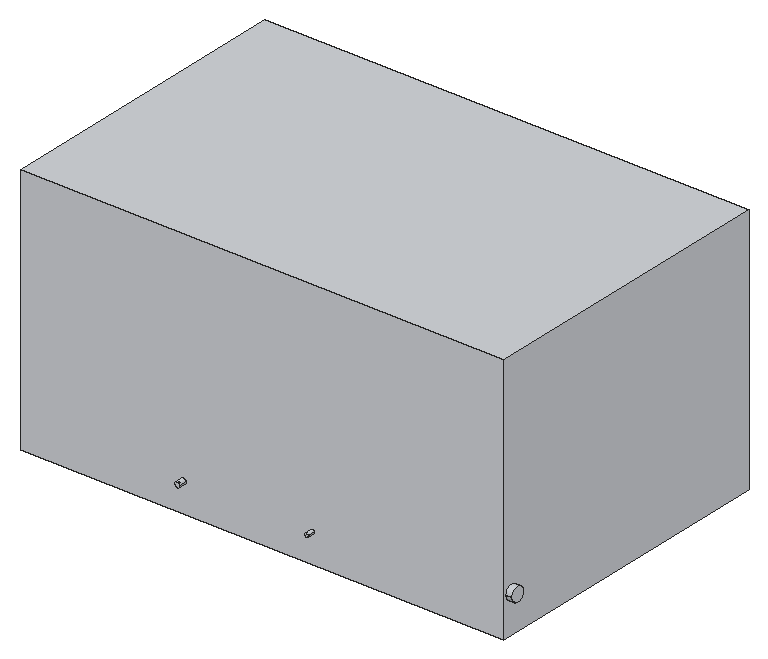
Revit family "66611e1702bc4bb29227c482e7932dbe", category Mechanical Equipment, Revit 2021
Family settings
  Round Connector Dimension = Use Radius
  Part Type = Normal
  OmniClass Number = 23.75.10.24.21.27.14
  OmniClass Title = Packaged Rooftop Air Conditioning Units
  Seek Item ID = Rooftop AC Unit - Gas Fired - 3-25 Tons-0000-USA-ENU
  Work Plane-Based = No
  Always vertical = Yes
  Cut with Voids When Loaded = No
  Shared = No
  Room Calculation Point = No
Parameters (values of type "3 Tons")
  Voltage = 460 V
  Visi3-10 = yes
  Visi12.5-25 = no
  Unit Width = 3' - 8 1/4"
  Unit Length = 5' - 9 7/8"
  Unit Height = 3' - 0 1/4"
  Supply Air Width = 15 1/2"
  Supply Air Height = 16"
  Supply Air Flow [instance] = 1440 CFM
  Return Air Width = 14"
  Return Air Height = 24"
  Return Air Flow [instance] = 1440 CFM
  Radius 4 = 0.2 * Fan Radius  # 0' - 1.77"
  Radius 3 = 0.4 * Fan Radius  # 0' - 3.54"
  Radius 2 = 0.6 * Fan Radius  # 0' - 5.31"
  Radius 1 = 0.8 * Fan Radius  # 0' - 7.08"
  Number of Poles = 3
  Material = none
  Load Classification = Cooling
  Heating Output = 96000 Btu/h
  Heating Input = 120000.0 Btu/h
  Gas Supply Line Pressure = "4.5/10.5 in-wg"
  Gas Radius = 1/4"
  Gas Flow [instance] = 0 GPM
  Gas Diameter = Gas Radius * 2  # 1/2"
  Fan Radius = 0.2 * Unit Width  # 0' - 8.85"
  Drain Radius = 3/8"
  Drain Diameter = Drain Radius * 2  # 3/4"
  Distance 2 = Fan Radius + 0' 5"  # 1' - 1.85"
  Distance 1 = 0' - 9 1/4"
  Default Elevation = 0' - 0"
  Cooling Capacity [instance] = 37400 Btu/h
  C5 Offset 2 = 0' - 5 5/8"
  C5 Offset 1 = 0' - 1 5/16"
  C4 Offset 1 = 1' - 11 9/16"
  C3 Offset 2 = 0' - 4 1/4"
  C3 Offset 1 = 3' - 6 1/4"
  C2 Offset 2 = 0' - 4"
  C2 Offset 1 = 0' - 3 5/8"
  Apparent Load = 2706.89 VA
  Air Pressure Drop [instance] = 0.343 in-wg
Types (13): name | Visi3-10 | Visi12.5-25 | Unit Width | Unit Length | Unit Height | Supply Air Width | Supply Air Height | Supply Air Flow | Return Air Width | Return Air Height | Return Air Flow | Radius 4 | Radius 3 | Radius 2 | Radius 1 | Heating Output | Heating Input | Gas Supply Line Pressure | Gas Radius | Gas Diameter | Fan Radius | Drain Radius | Drain Diameter | Distance 2 | Distance 1 | Cooling Capacity | C5 Offset 2 | C5 Offset 1 | C4 Offset 1 | C3 Offset 2 | C3 Offset 1 | C2 Offset 2 | C2 Offset 1 | Apparent Load | Air Pressure Drop
  (no name) | yes | no | 3' - 8 1/4" | 5' - 9 7/8" | 3' - 0 1/4" | 15 1/2" | 16" | 1440 CFM | 14" | 24" | 1440 CFM | 0' - 1.77" | 0' - 3.54" | 0' - 5.31" | 0' - 7.08" | 96000 Btu/h | 120000.0 Btu/h | "4.5/10.5 in-wg" | 1/4" | 1/2" | 0' - 8.85" | 3/8" | 3/4" | 1' - 1.85" | 0' - 9 1/4" | 37400 Btu/h | 0' - 5 5/8" | 0' - 1 5/16" | 1' - 11 9/16" | 0' - 4 1/4" | 3' - 6 1/4" | 0' - 4" | 0' - 3 5/8" | 2706.89 VA | 0.343 in-wg
  3 Tons | yes | no | 3' - 8 1/4" | 5' - 9 7/8" | 3' - 0 1/4" | 15 1/2" | 16" | 1440 CFM | 14" | 24" | 1440 CFM | 0' - 1.77" | 0' - 3.54" | 0' - 5.31" | 0' - 7.08" | 96000 Btu/h | 120000.0 Btu/h | "4.5/10.5 in-wg" | 1/4" | 1/2" | 0' - 8.85" | 3/8" | 3/4" | 1' - 1.85" | 0' - 9 1/4" | 37400 Btu/h | 0' - 5 5/8" | 0' - 1 5/16" | 1' - 11 9/16" | 0' - 4 1/4" | 3' - 6 1/4" | 0' - 4" | 0' - 3 5/8" | 2706.89 VA | 0.343 in-wg
  4 Tons | yes | no | 3' - 8 1/4" | 5' - 9 7/8" | 3' - 0 1/4" | 15 1/2" | 16" | 1920 CFM | 14" | 24" | 1920 CFM | 0' - 1.77" | 0' - 3.54" | 0' - 5.31" | 0' - 7.08" | 96000 Btu/h | 120000.0 Btu/h | "4.5/10.5 in-wg" | 1/4" | 1/2" | 0' - 8.85" | 3/8" | 3/4" | 1' - 1.85" | 0' - 9 1/4" | 49200 Btu/h | 0' - 5 5/8" | 0' - 1 5/16" | 1' - 11 9/16" | 0' - 4 1/4" | 3' - 6 1/4" | 0' - 4" | 0' - 3 5/8" | 3601.73 VA | 0.597 in-wg
  5 Tons | yes | no | 3' - 8 1/4" | 5' - 9 7/8" | 3' - 0 1/4" | 15 1/2" | 16" | 2400 CFM | 14" | 24" | 2400 CFM | 0' - 1.77" | 0' - 3.54" | 0' - 5.31" | 0' - 7.08" | 104000 Btu/h | 130000.0 Btu/h | "4.5/10.5 in-wg" | 1/4" | 1/2" | 0' - 8.85" | 3/8" | 3/4" | 1' - 1.85" | 0' - 9 1/4" | 63100 Btu/h | 0' - 5 5/8" | 0' - 1 5/16" | 1' - 11 9/16" | 0' - 4 1/4" | 3' - 6 1/4" | 0' - 4" | 0' - 3 5/8" | 4720.28 VA | 0.85 in-wg
  6 Tons | yes | no | 4' - 5 1/4" | 7' - 4 5/8" | 3' - 4 7/8" | 17 1/2" | 33" | 2880 CFM | 17 1/2" | 32 1/8" | 2880 CFM | 0' - 2.13" | 0' - 4.26" | 0' - 6.39" | 0' - 8.52" | 121500 Btu/h | 150000.0 Btu/h | "4.5/10.5 in-wg" | 3/8" | 3/4" | 0' - 10.65" | 3/8" | 3/4" | 1' - 3.65" | 0' - 9 7/8" | 72000 Btu/h | 0' - 5 5/8" | 0' - 1 3/8" | 2' - 3 5/8" | 0' - 4 1/4" | 3' - 11 7/8" | 0' - 4" | 0' - 3 5/8" | 6390.65 VA | 0.582 in-wg
  7.5 Tons | yes | no | 4' - 5 1/4" | 7' - 4 5/8" | 3' - 4 7/8" | 17 1/2" | 33" | 3600 CFM | 17 1/2" | 32 1/8" | 3600 CFM | 0' - 2.13" | 0' - 4.26" | 0' - 6.39" | 0' - 8.52" | 162000 Btu/h | 200000.0 Btu/h | "4.5/10.5 in-wg" | 3/8" | 3/4" | 0' - 10.65" | 3/8" | 3/4" | 1' - 3.65" | 0' - 9 7/8" | 95000 Btu/h | 0' - 5 5/8" | 0' - 1 3/8" | 2' - 3 5/8" | 0' - 4 1/4" | 3' - 11 7/8" | 0' - 4" | 0' - 3 5/8" | 8254.9 VA | 0.736 in-wg
  8.5 Tons | yes | no | 4' - 5 1/4" | 7' - 4 5/8" | 3' - 10 7/8" | 17 1/2" | 33" | 4080 CFM | 17 1/2" | 32 1/8" | 4080 CFM | 0' - 2.13" | 0' - 4.26" | 0' - 6.39" | 0' - 8.52" | 162000 Btu/h | 200000.0 Btu/h | "4.5/10.5 in-wg" | 3/8" | 3/4" | 0' - 10.65" | 3/8" | 3/4" | 1' - 3.65" | 0' - 9 7/8" | 105000 Btu/h | 0' - 5 5/8" | 0' - 1 3/8" | 2' - 3 5/8" | 0' - 4 1/4" | 3' - 11 7/8" | 0' - 4" | 0' - 3 5/8" | 6502.5 VA | 0.939 in-wg
  10 Tons | yes | no | 4' - 5 1/4" | 7' - 4 5/8" | 3' - 10 7/8" | 17 1/2" | 33" | 4800 CFM | 17 1/2" | 32 1/8" | 4800 CFM | 0' - 2.13" | 0' - 4.26" | 0' - 6.39" | 0' - 8.52" | 202500 Btu/h | 250000.0 Btu/h | "4.5/10.5 in-wg" | 3/8" | 3/4" | 0' - 10.65" | 3/8" | 3/4" | 1' - 3.65" | 0' - 9 7/8" | 118000 Btu/h | 0' - 5 5/8" | 0' - 1 3/8" | 2' - 3 5/8" | 0' - 4 1/4" | 3' - 11 7/8" | 0' - 4" | 0' - 3 5/8" | 7248.2 VA | 1.181 in-wg
  12.5 Tons | no | yes | 5' - 10 13/16" | 8' - 10 11/16" | 4' - 2 1/8" | 26 7/16" | 54 11/16" | 6000 CFM | 18 11/16" | 62 7/16" | 6000 CFM | 0' - 2.8325" | 0' - 5.665" | 0' - 8.4975" | 0' - 11.33" | 203000 Btu/h | 250000.0 Btu/h | "4.5/10.5 in-wg" | 3/8" | 3/4" | 1' - 2.1625" | 1/2" | 1" | 1' - 7.1625" | 1' - 10 1/2" | 150000 Btu/h | 0' - 8 3/8" | 0' - 2 11/16" | 2' - 4 5/8" | 0' - 6 5/8" | 4' - 0 3/8" | 0' - 4 1/4" | 0' - 4 1/4" | 7643.42 VA | 0.77 in-wg
  15 Tons | no | yes | 5' - 10 13/16" | 8' - 10 11/16" | 4' - 2 1/8" | 26 7/16" | 54 11/16" | 7200 CFM | 18 11/16" | 62 7/16" | 7200 CFM | 0' - 2.8325" | 0' - 5.665" | 0' - 8.4975" | 0' - 11.33" | 203000 Btu/h | 250000.0 Btu/h | "2.5/14 in-wg" | 3/8" | 3/4" | 1' - 2.1625" | 1/2" | 1" | 1' - 7.1625" | 1' - 10 1/2" | 182000 Btu/h | 0' - 8 3/8" | 0' - 2 11/16" | 2' - 4 5/8" | 0' - 6 5/8" | 4' - 0 3/8" | 0' - 4 1/4" | 0' - 4 1/4" | 10104.2 VA | 0.68 in-wg
  17.5 Tons | no | yes | 5' - 10 13/16" | 8' - 10 11/16" | 4' - 2 1/8" | 26 7/16" | 54 11/16" | 8400 CFM | 18 11/16" | 62 7/16" | 8400 CFM | 0' - 2.8325" | 0' - 5.665" | 0' - 8.4975" | 0' - 11.33" | 284000 Btu/h | 350000.0 Btu/h | "2.5/14 in-wg" | 3/8" | 3/4" | 1' - 2.1625" | 1/2" | 1" | 1' - 7.1625" | 1' - 10 1/2" | 210000 Btu/h | 0' - 8 3/8" | 0' - 2 11/16" | 2' - 4 5/8" | 0' - 6 5/8" | 4' - 0 3/8" | 0' - 4 1/4" | 0' - 4 1/4" | 11968.5 VA | 0.84 in-wg
  20 Tons | no | yes | 7' - 0 3/16" | 10' - 1 11/16" | 4' - 6" | 26 7/16" | 68 11/16" | 9600 CFM | 19 15/16" | 76 5/16" | 9600 CFM | 0' - 3.3675" | 0' - 6.735" | 0' - 10.1025" | 1' - 1.47" | 324000 Btu/h | 400000.0 Btu/h | "2.5/14 in-wg" | 3/8" | 3/4" | 1' - 4.8375" | 1/2" | 1" | 1' - 9.8375" | 2' - 4 3/4" | 242000 Btu/h | 0' - 8 15/16" | 0' - 2 11/16" | 3' - 0" | 0' - 6 13/16" | 4' - 8" | 0' - 4 1/4" | 0' - 4 1/4" | 11968.5 VA | 1.05 in-wg
  25 Tons | no | yes | 7' - 0 3/16" | 10' - 1 11/16" | 4' - 6" | 26 7/16" | 68 11/16" | 11000 CFM | 19 15/16" | 76 5/16" | 11000 CFM | 0' - 3.3675" | 0' - 6.735" | 0' - 10.1025" | 1' - 1.47" | 324000 Btu/h | 400000.0 Btu/h | "2.5/14 in-wg" | 3/8" | 3/4" | 1' - 4.8375" | 1/2" | 1" | 1' - 9.8375" | 2' - 4 3/4" | 290000 Btu/h | 0' - 8 15/16" | 0' - 2 11/16" | 3' - 0" | 0' - 6 13/16" | 4' - 8" | 0' - 4 1/4" | 0' - 4 1/4" | 14354.7 VA | 1.38 in-wg
Reference planes (in)
  plane 1 "Center (Front/Back)": y = 0
  plane 2: z = 0
  plane 3 "Center (Left/Right)": x = 0
  plane 4: x = -69.875
  plane 5 "Unit Height": z = 36.25
  plane 6: y = 44.25
  plane 7: z = 4.25
  plane 8: x = -27.625
  plane 9: y = 40.25
  plane 10: x = -66.25
  plane 11: x = -52.25
  plane 12: y = 16.25
  plane 13: x = -43
  plane 14: x = -27.5
  plane 15: y = 24.25
  plane 16: z = 5.625
  plane 17: y = 1.3125
  plane 18: y = 33.1875
  plane 19: x = -13.85
  plane 20: x = -46.3125
  plane 21: y = 11.0625
  plane 22: y = 22.125
Forms (in)
  Extrusion 1, solid, material <- "Material"
    sketch origin (0, 0, 0) x (1, 0, 0) y (0, 1, 0)
      loop
        line (-69.875, 44.25) -> (-69.875, 0) -> (0, 0) -> (0, 44.25) -> (-69.875, 44.25)
    from 0 to 36.25
  Extrusion 2, solid, material <- "Material"
    sketch origin (0, 0, 0) x (1, 0, 0) y (0, 0, 1)
      loop
        circle (-27.625, 4.25) r 0.25
    from 0 to 1.00679
  Extrusion 3, void
    sketch origin (0, 0, 0) x (1, 0, 0) y (0, 1, 0)
      loop
        line (-66.25, 40.25) -> (-66.25, 16.25) -> (-52.25, 16.25) -> (-52.25, 40.25) -> (-66.25, 40.25)
      loop
        line (-43, 40.25) -> (-43, 24.25) -> (-27.5, 24.25) -> (-27.5, 40.25) -> (-43, 40.25)
    from 0 to 4.25
  Extrusion 4, solid, material <- "Material"
    sketch origin (0, 0, 0) x (0, 1, 0) y (0, 0, 1)
      loop
        circle (1.3125, 5.625) r 1
    from 0 to 1
  Extrusion 5, solid, material <- "Material"
    sketch origin (0, 0, 0) x (1, 0, 0) y (0, 0, 1)
      loop
        circle (-46.3125, 4.25) r 0.375
    from 0 to 1.00679
Cuts and joins
  Extrusion 3 cuts Extrusion 1
  joined: Extrusion 1, Extrusion 2, Extrusion 4, Extrusion 5
Lines and regions (in)
  model lines, visible <- "Visi12.5-25"
    curve 1: circle (-13.85, 33.1875, 36.25) r 8.85 normal (0, 0, 1)
    curve 2: circle (-13.85, 33.1875, 36.25) r 7.08 normal (0, 0, 1)
    curve 3: circle (-13.85, 33.1875, 36.25) r 5.31 normal (0, 0, 1)
    curve 4: circle (-13.85, 33.1875, 36.25) r 3.54 normal (0, 0, 1)
    curve 5: circle (-13.85, 33.1875, 36.25) r 1.77 normal (0, 0, 1)
    curve 6: circle (-13.85, 11.0625, 36.25) r 8.85 normal (0, 0, 1)
    curve 7: circle (-13.85, 11.0625, 36.25) r 7.08 normal (0, 0, 1)
    curve 8: circle (-13.85, 11.0625, 36.25) r 5.31 normal (0, 0, 1)
    curve 9: circle (-13.85, 11.0625, 36.25) r 3.54 normal (0, 0, 1)
    curve 10: circle (-13.85, 11.0625, 36.25) r 1.77 normal (0, 0, 1)
  model lines, visible <- "Visi3-10"
    curve 11: circle (-13.85, 22.125, 36.25) r 8.85 normal (0, 0, 1)
    curve 12: circle (-13.85, 22.125, 36.25) r 7.08 normal (0, 0, 1)
    curve 13: circle (-13.85, 22.125, 36.25) r 5.31 normal (0, 0, 1)
    curve 14: circle (-13.85, 22.125, 36.25) r 3.54 normal (0, 0, 1)
    curve 15: circle (-13.85, 22.125, 36.25) r 1.77 normal (0, 0, 1)
Dimensions and locks (in)
  "Unit Height": plane 5 "Unit Height" to plane 2
  "Unit Length": plane 4 to plane 3 "Center (Left/Right)"
  "Unit Width": plane 6 to plane 1 "Center (Front/Back)"
  "C3 Offset 2": plane 7 to plane 2
  "C3 Offset 1": plane 8 to plane 4
  locked: Extrusion 2 to plane 1 "Center (Front/Back)" at 1.00679
  "C2 Offset 2": plane 6 to plane 9
  "C2 Offset 1": plane 4 to plane 10
  "Return Air Height": plane 9 to plane 12
  "Return Air Width": plane 10 to plane 11
  "Distance 1": plane 11 to plane 13
  "Supply Air Width": plane 13 to plane 14
  "Supply Air Height": plane 9 to plane 15
  "C5 Offset 2": plane 16 to plane 2
  "C5 Offset 1": plane 17 to plane 1 "Center (Front/Back)"
  locked: Extrusion 4 to plane 3 "Center (Left/Right)" at 1
  "Distance 2": plane 19 to plane 3 "Center (Left/Right)"
  "C4 Offset 1": plane 20 to plane 4
  locked: Extrusion 5 to plane 1 "Center (Front/Back)" at 1.00679
  locked: cut or joined group of Extrusion 1, Extrusion 2, Extrusion 3, Extrusion 4, Extrusion 5 to plane 2 at 4.25
  equal spacing: plane 6, plane 22, plane 1 "Center (Front/Back)"
  equal spacing: plane 6, plane 18, plane 22
  equal spacing: plane 1 "Center (Front/Back)", plane 21, plane 22
  "Gas Radius": radius of Extrusion 2 sketch curve
  radius of Extrusion 4 sketch curve = 0' - 1"
  "Fan Radius": radius of curve 1
  "Radius 1": radius of curve 2
  "Radius 2": radius of curve 3
  "Radius 3": radius of curve 4
  "Radius 4": radius of curve 5
  "Drain Radius": radius of Extrusion 5 sketch curve
  "Fan Radius": radius of curve 6
  "Radius 1": radius of curve 7
  "Radius 2": radius of curve 8
  "Radius 3": radius of curve 9
  "Radius 4": radius of curve 10
  "Radius 4": radius of curve 15
  "Radius 3": radius of curve 14
  "Radius 2": radius of curve 13
  "Radius 1": radius of curve 12
  "Fan Radius": radius of curve 11
  aligned and locked: plane 4 to Extrusion 1 sketch curve
  aligned and locked: Extrusion 1 sketch curve to plane 6
  aligned and locked: plane 1 "Center (Front/Back)" to Extrusion 1 sketch curve
  aligned and locked: Extrusion 1 sketch curve to plane 3 "Center (Left/Right)"
  aligned and locked: plane 5 "Unit Height" to Extrusion 1
  aligned and locked: Extrusion 1 to plane 2
  aligned and locked: plane 8 to Extrusion 2 sketch curve
  aligned and locked: plane 7 to Extrusion 2 sketch curve
  aligned and locked: plane 1 "Center (Front/Back)" to Extrusion 2
  aligned and locked: plane 10 to Extrusion 3 sketch curve
  aligned and locked: Extrusion 3 sketch curve to plane 9  (x2)
  aligned and locked: plane 12 to Extrusion 3 sketch curve
  aligned and locked: Extrusion 3 sketch curve to plane 11
  aligned and locked: plane 13 to Extrusion 3 sketch curve
  aligned and locked: plane 15 to Extrusion 3 sketch curve
  aligned and locked: Extrusion 3 sketch curve to plane 14
  aligned and locked: cut or joined group of Extrusion 1, Extrusion 2, Extrusion 3, Extrusion 4, Extrusion 5 to plane 2
  aligned and locked: plane 17 to Extrusion 4 sketch curve
  aligned and locked: plane 16 to Extrusion 4 sketch curve
  aligned and locked: Extrusion 4 to plane 3 "Center (Left/Right)"
  aligned and locked: plane 19 to curve 1
  aligned and locked: plane 18 to curve 1
  aligned and locked: plane 19 to curve 2
  aligned and locked: plane 18 to curve 2
  aligned and locked: plane 19 to curve 3
  aligned and locked: plane 18 to curve 3
  aligned and locked: plane 19 to curve 4
  aligned and locked: plane 18 to curve 4
  aligned and locked: plane 19 to curve 5
  aligned and locked: plane 18 to curve 5
  aligned and locked: plane 20 to Extrusion 5 sketch curve
  aligned and locked: plane 7 to Extrusion 5 sketch curve
  aligned and locked: plane 19 to curve 10
  aligned and locked: plane 21 to curve 10
  aligned and locked: plane 19 to curve 9
  aligned and locked: plane 21 to curve 9
  aligned and locked: plane 19 to curve 8
  aligned and locked: plane 21 to curve 8
  aligned and locked: plane 19 to curve 7
  aligned and locked: plane 21 to curve 7
  aligned and locked: plane 19 to curve 6
  aligned and locked: plane 21 to curve 6
  aligned and locked: plane 19 to curve 15
  aligned and locked: plane 22 to curve 15
  aligned and locked: plane 19 to curve 14
  aligned and locked: plane 22 to curve 14
  aligned and locked: plane 19 to curve 13
  aligned and locked: plane 22 to curve 13
  aligned and locked: plane 19 to curve 12
  aligned and locked: plane 22 to curve 12
  aligned and locked: plane 19 to curve 11
  aligned and locked: plane 22 to curve 11
Connectors (in)
  hvac at (-35.25, 32.25, 4.25), driven by "Supply Air Flow", driven by "Supply Air Height", driven by "Supply Air Width"
    settings: on cut or joined group of Extrusion 1, Extrusion 2, Extrusion 3, Extrusion 4, Extrusion 5, index 1, duct flow 1440 CFM, flow factor 0, pres drop 0.00 in-wg, loss coef 0, conn angle 0.00°, conn width 15 1/2", conn height 16", conn diameter 24", duct sys type 1, conn prof type 1, flow config 0, flow direction 2, loss method 0, conn ref index 2, conn util no, is conn primary yes, conn desc ""
  hvac at (-59.25, 28.25, 4.25), driven by "Return Air Height", driven by "Return Air Width", driven by "Return Air Flow", driven by "Air Pressure Drop"
    settings: on cut or joined group of Extrusion 1, Extrusion 2, Extrusion 3, Extrusion 4, Extrusion 5, index 2, duct flow 1440 CFM, flow factor 0, pres drop 0.343 in-wg, loss coef 0, conn angle 0.00°, conn width 14", conn height 24", conn diameter 24", duct sys type 2, conn prof type 1, flow config 0, flow direction 1, loss method 4, conn ref index 1, conn util no, is conn primary no, conn desc ""
  piping at (-27.625, -1.00679, 4.25), diameter 0.5, driven by "Gas Radius", driven by "Gas Flow"
    settings: on cut or joined group of Extrusion 1, Extrusion 2, Extrusion 3, Extrusion 4, Extrusion 5, index 3, connector inside diameter 1/2", connector length 0' - 0", flow factor 0, pipe flow 0 GPM, pressure drop 0.00 psi, fitting loss kfactor 0, connector angle 0.00°, fixture units 0, engagement length 0' - 0", angle of deflection 0.00°, flow configuration 1, flow direction 1, fitting loss method 0, system type 22, joint type 0, gender type 0, connector reference index -1, connector utility 0, adjustable connector yes, is connector primary yes, connector description "Gas In"
  piping at (-46.3125, -1.00679, 4.25), diameter 0.75, driven by "Drain Radius"
    settings: on Extrusion 5, index 4, connector inside diameter 3/4", connector length 0' - 0", flow factor 0, pipe flow 0 GPM, pressure drop 0.00 psi, fitting loss kfactor 0, connector angle 0.00°, fixture units 0, engagement length 0' - 0", angle of deflection 0.00°, flow configuration 1, flow direction 2, fitting loss method 0, system type 16, joint type 0, gender type 0, connector reference index -1, connector utility 0, adjustable connector yes, is connector primary no, connector description "Drain Out"
  electrical at (1, 1.3125, 5.625), driven by "Apparent Load", driven by "Voltage", driven by "Number of Poles", driven by "Load Classification"
    settings: on cut or joined group of Extrusion 1, Extrusion 2, Extrusion 3, Extrusion 4, Extrusion 5, index 5, voltage 460 V, apparent load 2706.89 VA, apparent load phase1 0 VA, apparent load phase2 0 VA, apparent load phase3 0 VA, power factor 0.8, load classification "Cooling", number of poles 3, system type 30, power factor state 1, is connector primary yes, connector utility no, sub classification motor no, connector description ""
